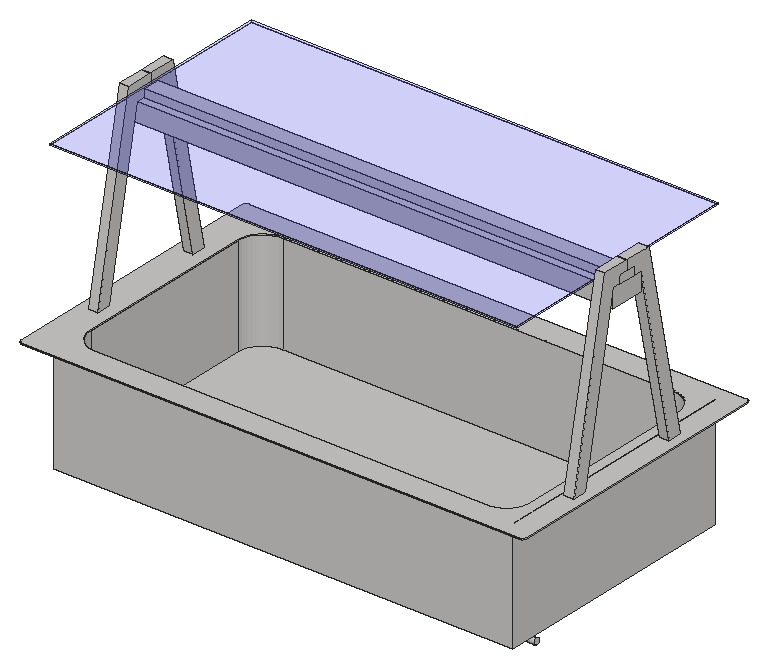
Revit family "QF_ELECTROLUXPROFESSIONAL_341163_D01C3", category Specialty Equipment, Revit 2023
Family settings
  Round Connector Dimension = Use Diameter
  Part Type = Normal
  Work Plane-Based = No
  Enable Cutting in Views = No
  Always vertical = Yes
  Cut with Voids When Loaded = No
  Maintain Annotation Orientation = No
  Shared = No
  Room Calculation Point = No
Parameters (values of type "Standard")
  Weight = 46.00 kg
  Watts = 0 W
  Volts = 220 V
  URL Manufacturer = "http://www.electroluxprofessional.com"
  URL = "http://www.electroluxprofessional.com"
  Steam Supply Size = 0 mm
  Steam Supply Minimum Pressure = 0.0 Pa
  Steam Supply Maximum Pressure = 0.0 Pa
  Steam Consumption per Hour = 0
  Refrigeration Suction Line Size = 0 mm
  Refrigeration Liquid Line Size = 0 mm
  Refrigerant Compressor Remote = yes
  Default Elevation = 0 mm
  Manufacturer = "Electrolux Professional"
  Phase = 1
  Model = "D01C3"
  Length Actual = 1100 mm
  Item Number = "341163"
  Hot Water Size = 0 mm
  Height Actual = 664 mm
  HP = "2.7 HP"
  Gas Size = 0 mm
  Gas KW = 0
  Gas Input Pressure = 0 W
  Direct Waste Size = 25.4 mm
  Description = "DROP-IN BAIN-MARIE, WATER, SINGLE WELL, 3GN WITH A TYPE OVERSHELF AND HALOGEN LAMP"
  Depth Actual = 620 mm
  Cycle = 50 Hz
  Condensate Return Size = 0 mm
  Compressed Air Volume = 0.0 L/s
  Compressed Air Size = 0 mm
  Compressed Air Pressure = 0.0 Pa
  Cold Water Size = 12.7 mm
  Accessory = no
Reference planes
  plane 1 "BACK": y = 0
  plane 2: z = 5.426
  plane 3 "LEFT": x = 0
  plane 4: y = -620
  plane 5: z = 409.426
  plane 6: y = -310
  plane 7: x = 550
Forms (mm)
  Extrusion 1, solid, material "QF_Finishes_Stainless Steel"
    sketch origin (-320, 0, 5.426) x (1, 0, 0) y (0, 1, 0)
      loop
        arc (330, 0) -> (322.929, -2.929) -> (320, -10) r 10
        line (320, -10) -> (320, -610)
        arc (320, -610) -> (322.929, -617.071) -> (330, -620) r 10
        line (330, -620) -> (1410, -620)
        arc (1410, -620) -> (1417.071, -617.071) -> (1420, -610) r 10
        line (1420, -610) -> (1420, -10)
        arc (1420, -10) -> (1417.071, -2.929) -> (1410, 0) r 10
        line (1410, 0) -> (330, 0)
    from 0 to 1
  Extrusion 2, solid, material "QF_Finishes_Stainless Steel"
    sketch origin (0, 0, 12.548) x (1, 0, 0) y (0, 1, 0)
      loop
        line (50, -35) -> (50, -585) -> (1050, -585) -> (1050, -35) -> (50, -35)
    from -251.122 to -7.122
  Extrusion 3, void
    sketch origin (0, 0, -2.817) x (1, 0, 0) y (0, 1, 0)
      loop
        arc (125, -55) -> (86.109, -71.109) -> (70, -110) r 55
        line (70, -110) -> (70, -510)
        arc (70, -510) -> (86.109, -548.891) -> (125, -565) r 55
        line (125, -565) -> (975.082, -565)
        arc (975.082, -565) -> (1013.973, -548.891) -> (1030.082, -510) r 55
        line (1030.082, -510) -> (1030.082, -110)
        arc (1030.082, -110) -> (1013.973, -71.109) -> (975.082, -55) r 55
        line (975.082, -55) -> (125, -55)
    from -209.107 to 9.244
  Extrusion 4, solid, material "QF_Finishes_Stainless Steel"
    sketch origin (21.5, -620, 0) x (0, -1, 0) y (0, 0, -1)
      loop
        line (-310, -409.426) -> (-250.873, -409.426) -> (-165, -5.426) -> (-195, -5.426) -> (-272.583, -370.426) -> (-310, -370.426) -> (-310, -409.426)
    from 0 to 20
  Extrusion 5, solid, material "QF_Finishes_Stainless Steel"
    sketch origin (21.5, 0, 0) x (0, 1, 0) y (0, 0, 1)
      loop
        line (-310, 409.426) -> (-310, 370.426) -> (-272.583, 370.426) -> (-195, 5.426) -> (-165, 5.426) -> (-250.873, 409.426) -> (-310, 409.426)
    from 0 to 20
  Extrusion 6, solid, material "QF_Finishes_Stainless Steel"
    sketch origin (1077.726, -620, 0) x (0, -1, 0) y (0, 0, 1)
      loop
        line (-310, 409.426) -> (-310, 370.426) -> (-272.583, 370.426) -> (-195, 5.426) -> (-165, 5.426) -> (-250.873, 409.426) -> (-310, 409.426)
    from 0 to 20
  Extrusion 7, solid, material "QF_Finishes_Stainless Steel"
    sketch origin (1077.726, 0, 0) x (0, 1, 0) y (0, 0, -1)
      loop
        line (-310, -409.426) -> (-250.873, -409.426) -> (-165, -5.426) -> (-195, -5.426) -> (-272.583, -370.426) -> (-310, -370.426) -> (-310, -409.426)
    from 0 to 20
  Extrusion 8, solid, material "QF_Finishes_Stainless Steel"
    sketch origin (0, 0, 0) x (0, 1, 0) y (0, 0, 1)
      loop
        line (-291.292, 370.426) -> (-291.292, 387.956) -> (-328.917, 387.956) -> (-328.917, 370.426) -> (-291.292, 370.426)
    from 21.5 to 1077.726
  Extrusion 9, solid, material "Vetro"
    sketch origin (-14.94, 0, 5.426) x (1, 0, 0) y (0, 1, 0)
      loop
        line (56.94, -35) -> (56.94, -585) -> (1072.666, -585) -> (1072.666, -35) -> (56.94, -35)
    from 382.529 to 387.529
  Extrusion 10, solid, material "QF_Finishes_Stainless Steel"
    sketch origin (329.693, -341.308, -643.387) x (0, 0, -1) y (0, 1, 0)
      loop
        circle (-372.814, -140.692) r 12.7
    from 5 to 70.307
  Extrusion 11, solid, material "QF_Finishes_Stainless Steel"
    sketch origin (0, 0, 0) x (0, 1, 0) y (0, 0, 1)
      loop
        line (-272.583, 370.426) -> (-347.583, 370.426) -> (-347.583, 330.426) -> (-272.583, 330.426) -> (-272.583, 370.426)
    from 21.5 to 1077.726
  Extrusion 12, solid, material "QF_Finishes_Stainless Steel"
    sketch origin (34.947, 0, 0) x (0, 1, 0) y (0, 0, 1)
      loop
        line (-280.414, 330.426) -> (-340.414, 330.426) -> (-340.414, 325.426) -> (-280.414, 325.426) -> (-280.414, 330.426)
    from 113.553 to 313.553
  Extrusion 13, solid, material "QF_Finishes_Stainless Steel"
    sketch origin (769.053, 0, 0) x (0, 1, 0) y (0, 0, -1)
      loop
        line (-280.414, -330.426) -> (-280.414, -325.426) -> (-340.414, -325.426) -> (-340.414, -330.426) -> (-280.414, -330.426)
    from 113.553 to 313.553
  Extrusion 14, solid, material "QF_Finishes_Stainless Steel"
    sketch origin (0, 0, 5.426) x (1, 0, 0) y (0, 1, 0)
      loop
        circle (386.025, -481.971) r 12.675
    from -276 to -244
  Extrusion 15, solid, material "QF_Finishes_Stainless Steel"
    sketch origin (1076.053, 0, 0) x (0, 1, 0) y (0, 0, -1)
      loop
        line (-280.414, -330.426) -> (-280.414, -325.426) -> (-340.414, -325.426) -> (-340.414, -330.426) -> (-280.414, -330.426)
    from 113.553 to 313.553
  Extrusion 16, solid, material "QF_Finishes_Stainless Steel"
    sketch origin (1066.957, -635.663, -643.387) x (0, 0, -1) y (0, -1, 0)
      loop
        circle (-372.814, -140.692) r 6.35
    from 36.875 to 70.307
  Extrusion 17, solid, material "QF_Finishes_Stainless Steel"
    sketch origin (1389.025, -976.971, 5.426) x (-1, 0, 0) y (0, -1, 0)
      loop
        circle (386.025, -481.971) r 6.35
    from -276 to -244
Cuts and joins
  Extrusion 3 cuts Extrusion 1
  Extrusion 3 cuts Extrusion 2
Dimensions and locks
  equal spacing: Extrusion 1, Extrusion 2 sketch curve, Extrusion 2 sketch curve, Extrusion 1  (x2)
  Extrusion 1 to Extrusion 1 = 1100 mm
  Extrusion 1 to plane 1 "BACK" = 620 mm
  equal spacing: Extrusion 2, Extrusion 3 sketch curve, Extrusion 3 sketch curve, Extrusion 2  (x2)
  plane 5 to plane 2 = 404 mm
  Extrusion 11 sketch curve to cut or joined group of Extrusion 1, Extrusion 3 = 324 mm
  equal spacing: plane 3 "LEFT", plane 7, cut or joined group of Extrusion 1, Extrusion 3
  aligned and locked: level to plane 2
Automatic sketch dimensions
  Extrusion 1 sketch curve to plane 3 "LEFT" = 0 mm
  plane 4 to Extrusion 1 sketch curve = 0 mm
  plane 1 "BACK" to Extrusion 1 sketch curve = 0 mm
  plane 3 "LEFT" to Extrusion 1 sketch curve = 10 mm  (x2)
  plane 7 to Extrusion 1 sketch curve = 540 mm  (x2)
  Extrusion 1 sketch curve to Extrusion 1 sketch curve = 10 mm
  plane 3 "LEFT" to Extrusion 2 sketch curve = 50 mm
  Extrusion 2 sketch curve to plane 4 = 35 mm
  plane 7 to Extrusion 2 sketch curve = 500 mm
  plane 1 "BACK" to Extrusion 2 sketch curve = 35 mm
  plane 3 "LEFT" to Extrusion 3 sketch curve = 70 mm
  Extrusion 3 sketch curve to Extrusion 3 sketch curve = 55 mm  (x3)
  Extrusion 3 sketch curve to plane 4 = 55 mm
  plane 7 to Extrusion 3 sketch curve = 425.082 mm
  plane 1 "BACK" to Extrusion 3 sketch curve = 110 mm
  Extrusion 3 sketch curve to Extrusion 3 sketch curve = 0 mm
  Extrusion 4 sketch curve to plane 6 = 0 mm
  plane 5 to Extrusion 4 sketch curve = 0 mm
  Extrusion 4 sketch curve to level = 0 mm
  Extrusion 4 sketch curve to Extrusion 4 sketch curve = 37.417 mm
  Extrusion 4 sketch curve to Extrusion 4 sketch curve = 21.71 mm
  plane 6 to Extrusion 4 sketch curve = 115 mm
  Extrusion 4 sketch curve to Extrusion 4 sketch curve = 30 mm
  Extrusion 4 sketch curve to Extrusion 4 sketch curve = 39 mm
  Extrusion 5 sketch curve to plane 6 = 0 mm
  plane 5 to Extrusion 5 sketch curve = 0 mm
  Extrusion 5 sketch curve to level = 0 mm
  Extrusion 5 sketch curve to Extrusion 5 sketch curve = 37.417 mm
  Extrusion 5 sketch curve to Extrusion 5 sketch curve = 21.71 mm
  plane 6 to Extrusion 5 sketch curve = 115 mm
  Extrusion 5 sketch curve to Extrusion 5 sketch curve = 30 mm
  Extrusion 5 sketch curve to Extrusion 5 sketch curve = 39 mm
  Extrusion 6 sketch curve to plane 6 = 0 mm
  plane 5 to Extrusion 6 sketch curve = 0 mm
  Extrusion 6 sketch curve to level = 0 mm
  Extrusion 6 sketch curve to Extrusion 6 sketch curve = 37.417 mm
  Extrusion 6 sketch curve to Extrusion 6 sketch curve = 21.71 mm
  Extrusion 6 sketch curve to plane 6 = 115 mm
  Extrusion 6 sketch curve to Extrusion 6 sketch curve = 30 mm
  Extrusion 6 sketch curve to Extrusion 6 sketch curve = 39 mm
  Extrusion 7 sketch curve to plane 6 = 0 mm
  plane 5 to Extrusion 7 sketch curve = 0 mm
  Extrusion 7 sketch curve to level = 0 mm
  Extrusion 7 sketch curve to Extrusion 7 sketch curve = 37.417 mm
  Extrusion 7 sketch curve to Extrusion 7 sketch curve = 21.71 mm
  plane 6 to Extrusion 7 sketch curve = 115 mm
  Extrusion 7 sketch curve to Extrusion 7 sketch curve = 30 mm
  Extrusion 7 sketch curve to Extrusion 7 sketch curve = 39 mm
  Extrusion 8 sketch curve to plane 6 = 18.917 mm
  plane 6 to Extrusion 8 sketch curve = 18.708 mm
  plane 5 to Extrusion 8 sketch curve = 39 mm
  Extrusion 8 sketch curve to Extrusion 8 sketch curve = 17.529 mm
  plane 3 "LEFT" to Extrusion 9 sketch curve = 42 mm
  Extrusion 9 sketch curve to plane 4 = 35 mm
  plane 7 to Extrusion 9 sketch curve = 507.726 mm
  plane 1 "BACK" to Extrusion 9 sketch curve = 35 mm
  Extrusion 10 sketch curve to level = 276 mm
  Extrusion 10 sketch curve to plane 4 = 138 mm
  Extrusion 11 sketch curve to plane 6 = 37.583 mm
  plane 6 to Extrusion 11 sketch curve = 37.417 mm
  plane 5 to Extrusion 11 sketch curve = 39 mm
  Extrusion 12 sketch curve to plane 6 = 30.414 mm
  plane 6 to Extrusion 12 sketch curve = 29.586 mm
  plane 5 to Extrusion 12 sketch curve = 84 mm
  Extrusion 12 sketch curve to Extrusion 12 sketch curve = 5 mm
  Extrusion 13 sketch curve to plane 6 = 30.414 mm
  plane 6 to Extrusion 13 sketch curve = 29.586 mm
  plane 5 to Extrusion 13 sketch curve = 79 mm
  Extrusion 13 sketch curve to Extrusion 13 sketch curve = 5 mm
  Extrusion 14 sketch curve to plane 7 = 163.975 mm
  Extrusion 14 sketch curve to plane 4 = 138.029 mm
  Extrusion 15 sketch curve to plane 6 = 30.414 mm
  plane 6 to Extrusion 15 sketch curve = 29.586 mm
  plane 5 to Extrusion 15 sketch curve = 79 mm
  Extrusion 15 sketch curve to Extrusion 15 sketch curve = 5 mm
  Extrusion 16 sketch curve to plane 6 = 184.971 mm
  Extrusion 16 sketch curve to level = 276 mm
  Extrusion 17 sketch curve to plane 6 = 185 mm
  plane 7 to Extrusion 17 sketch curve = 453 mm
  radius of Extrusion 10 sketch curve = 12.7 mm
  radius of Extrusion 14 sketch curve = 12.675 mm
  radius of Extrusion 16 sketch curve = 6.35 mm
  radius of Extrusion 17 sketch curve = 6.35 mm
Connectors
  piping at (334.693, -482, -270.574), diameter 25.4
    settings: on Extrusion 10, index 5, connector inside diameter 609.6 mm, connector length 0 mm, flow factor 0, pipe flow 0.0 L/s, pressure drop 0.0 Pa, fitting loss kfactor 0, connector angle 0.00°, fixture units 0, engagement length 0 mm, angle of deflection 0.00°, flow configuration 0, flow direction 0, fitting loss method 0, system type 29, joint type 0, gender type 0, connector reference index -1, connector utility 0, adjustable connector no, is connector primary yes, connector description "D"
  piping at (1030.082, -494.971, -270.574), diameter 12.7
    settings: on Extrusion 16, index 6, connector inside diameter 609.6 mm, connector length 0 mm, flow factor 0, pipe flow 0.0 L/s, pressure drop 0.0 Pa, fitting loss kfactor 0, connector angle 0.00°, fixture units 0, engagement length 0 mm, angle of deflection 0.00°, flow configuration 0, flow direction 0, fitting loss method 0, system type 29, joint type 0, gender type 0, connector reference index -1, connector utility 0, adjustable connector no, is connector primary no, connector description "WI"
